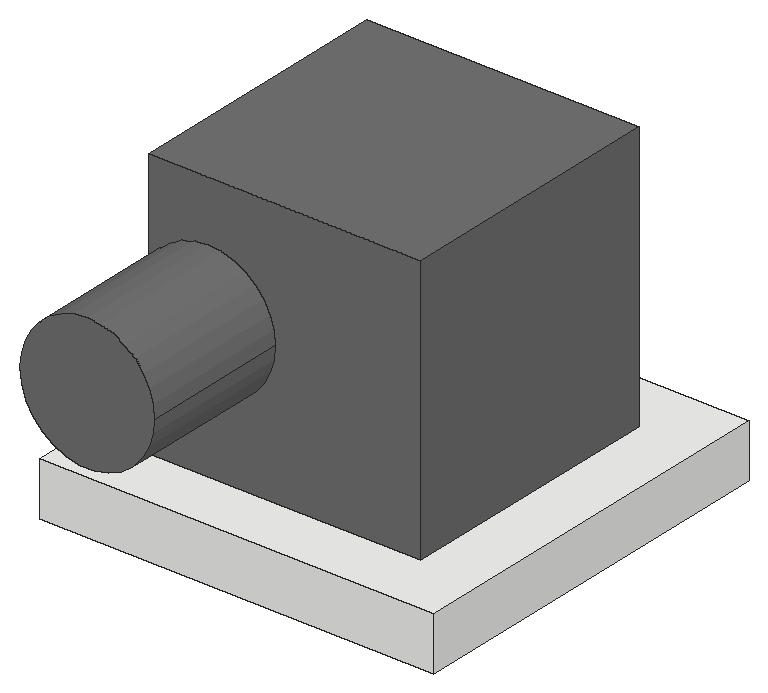
Revit family "vd-10_13zlec14-fps_60Hz", category 機械設備, Revit 2019
Family settings
  丸型コネクタ寸法 = 直径を使用
  パーツ タイプ = 標準
  OmniClass 番号 = 23.75.35.17.27
  OmniClass タイトル = Centrifugal Fans
  作業面ベース = いいえ
  常に垂直 = はい
  ロード時にボイドで切り取り = いいえ
  共有 = いいえ
  部屋計算ポイント = はい
Parameters (values of type "VD-13ZLEC14-FPS")
  騒音レベル(dB(A)) [instance] = 25.5
  風量 [instance] = 130.0 m³/h
  電源種別 [instance] = ""
  電圧 = 100 V
  電動機出力 = 0 W
  電動機_種別 [instance] = ""
  運転質量 = 0.00 kg
  連動 [instance] = ""
  質量 = if(製品質量 > 運転質量, 製品質量, 運転質量) * 1.2  # 2.04 kg
  負荷分類 = 3_ファン類
  説明 = "ダクト用換気扇 消音形 24時間換気機能付 フラットインテリアタイプ"
  設計風量 [instance] = 0.0 m³/h
  設置方法 = "天埋"
  記号 [instance] = ""
  製造元 = "三菱電機株式会社"
  製品質量 = 1.70 kg
  製品出荷対象 = "国内"
  製品リリース年月 = "2024年4月1日"
  製品グループ = ""
  系統 [instance] = ""
  符号 [instance] = if(☑給気／□排気, "FS", "FE")  # "FE"
  積算_科目 = "2 換気設備"
  積算_拾い区分 [instance] = ""
  相 = 1
  盤記号 [instance] = ""
  発停方法 [instance] = ""
  特殊仕様 [instance] = ""
  火災停止 [instance] = ""
  消費電力 = 15.5 W
  法定耐用年数 = "15"
  機外静圧 [instance] = 0.0 Pa
  極数 = 2
  材質 [instance] = ""
  操作・制御方式 = ""
  操作・制御スイッチ = ""
  排気量 [instance] = if(☑給気／□排気, 0.0 m³/h, 設計風量)  # 0.0 m³/h
  形式 = "天井埋込ダクト形"
  幹線記号 [instance] = ""
  対象室 [instance] = ""
  実風量 [instance] = 0.0 m³/h
  始動方式 [instance] = "直入"
  外気量 [instance] = if(☑給気／□排気, 設計風量, 0.0 m³/h)  # 0.0 m³/h
  呼称 = "天井扇"
  周波数 = 60 Hz
  参照している仕様書等のバージョン = ""
  分類コード = "50052503100030"
  分類グループ = ""
  価格 = 34900
  企業コード = "108420"
  付属品_防振装置 = ""
  付属品 [instance] = ""
  仕様書バージョン = "Version1.0"
  モデル = "VD-13ZLEC14-FPS"
  マテリアル = 合成樹脂(黒)
  ファンの種類 = ""
  ダクト径 = 100 mm
  コメント [instance] = ""
  Keynote = ""
  カバーマテリアル = 合成樹脂(白)
  ☑給気／□排気 [instance] = no
  Width = 198 mm
  W1 = 286 mm
  Version = ""
  Uniclass2015Version = "Systems v1.9"
  Uniclass2015Title = "Centrifugal fans"
  Uniclass2015Code = "Pr_65_67_29_12"
  URL = "https://www.mitsubishielectric.co.jp/ldg/wink/qr/002/333593/"
  SpecificationReference = ""
  SpecificationDescription = ""
  Revision = ""
  ProductInformation = ""
  OmniClassCode = "23-33 31 19 11 15"
  OAサイズ_D = 0 mm
  MIN風量 = 65.0 m³/h
  MIN静圧 = 0.0 Pa
  MID風量 = 0.0 m³/h
  MID静圧 = 0.0 Pa
  MAX風量 = 130.0 m³/h
  MAX静圧 = 0.0 Pa
  IfcTypeProduct = ""
  IfcProduct = ""
  IfcExportType = "PROPELLORAXIAL"
  IfcExportAs = "IfcFanType"
  Height = 195 mm
  H1 = 39 mm
  EAサイズ_D = 98 mm
  Duct_Height = 102 mm
  Duct_Depth = 109 mm
  Duct_Center = 56 mm
  Depth = 198 mm
  D1 = 286 mm
  Author = "三菱電機株式会社"
Types (2, lengths in mm): name | 騒音レベル(dB(A)) | 風量 | 質量 | 製品質量 | 消費電力 | 価格 | モデル | Width | W1 | URL | MIN風量 | MAX風量 | Height | Duct_Center | Depth | D1
  VD-10ZLEC14-FPS | 20 | 95.0 m³/h | 1.80 kg | 1.50 kg | 9.3 W | 31100 | "VD-10ZLEC14-FPS" | 174 | 250 | "https://www.mitsubishielectric.co.jp/ldg/wink/qr/002/333570/" | 55.0 m³/h | 95.0 m³/h | 184 | 0 | 174 | 250
  VD-13ZLEC14-FPS | 25.5 | 130.0 m³/h | 2.04 kg | 1.70 kg | 15.5 W | 34900 | "VD-13ZLEC14-FPS" | 198 | 286 | "https://www.mitsubishielectric.co.jp/ldg/wink/qr/002/333593/" | 65.0 m³/h | 130.0 m³/h | 195 | 56 | 198 | 286
Reference planes
  plane 1 "中心(正面/背面)": y = 0
  plane 2: z = 0
  plane 3 "中心(左/右)": x = 0
  plane 4: x = -143
  plane 5: x = 143
  plane 6: y = 143
  plane 7: y = -143
  plane 8: x = -99
  plane 9: x = 99
  plane 10: y = 99
  plane 11: y = -99
  plane 12: y = -208
  plane 13: z = 195
  plane 14: z = -39
  plane 15: z = 102
  plane 16: x = -56
Forms (mm)
  Extrusion 1, solid, material "合成樹脂(黒)" <- "マテリアル", detail levels fine
    sketch origin (0, 0, 0) x (1, 0, 0) y (0, 1, 0)
      loop
        line (-99, 99) -> (-99, -99) -> (99, -99) -> (99, 99) -> (-99, 99)
    from 0 to 195
  Extrusion 2, solid, material "合成樹脂(白)" <- "カバーマテリアル", detail levels fine
    sketch origin (0, 0, 0) x (1, 0, 0) y (0, 1, 0)
      loop
        line (-143, 143) -> (-143, -143) -> (143, -143) -> (143, 143) -> (-143, 143)
    from 0 to -39
  Extrusion 3, solid, material "合成樹脂(黒)" <- "マテリアル", detail levels fine
    sketch origin (0, 0, 0) x (1, 0, 0) y (0, 0, 1)
      loop
        circle (-56, 102) r 49
    from 99 to 208
Dimensions and locks
  equal spacing: plane 4, plane 3 "中心(左/右)", plane 5
  "W1": plane 4 to plane 5
  equal spacing: plane 6, plane 1 "中心(正面/背面)", plane 7
  "D1": plane 6 to plane 7
  equal spacing: plane 8, plane 3 "中心(左/右)", plane 9
  "Width": plane 8 to plane 9
  equal spacing: plane 10, plane 1 "中心(正面/背面)", plane 11
  "Depth": plane 10 to plane 11
  "Duct_Depth": plane 11 to plane 12
  "Height": plane 13 to plane 2
  "Duct_Height": plane 15 to plane 2
  "H1": plane 2 to plane 14
  "Duct_Center": plane 3 "中心(左/右)" to plane 16
  "EAサイズ_D": diameter of Extrusion 3 sketch curve
  aligned and locked: level to plane 2
  aligned and locked: plane 5 to Extrusion 2
  aligned and locked: plane 6 to Extrusion 2
  aligned and locked: Extrusion 2 to plane 4
  aligned and locked: Extrusion 2 to plane 7
  aligned and locked: plane 9 to Extrusion 1
  aligned and locked: Extrusion 1 to plane 11
  aligned and locked: Extrusion 1 to plane 8
  aligned and locked: plane 10 to Extrusion 1
  aligned and locked: plane 13 to Extrusion 1
  aligned and locked: Extrusion 2 to plane 14
  aligned and locked: level to Extrusion 2
  aligned and locked: Extrusion 1 to level
  aligned and locked: Extrusion 3 to plane 12
  aligned and locked: plane 11 to Extrusion 3
Automatic sketch dimensions
  Extrusion 1 sketch curve to plane 3 "中心(左/右)" = 99 mm
  plane 3 "中心(左/右)" to Extrusion 1 sketch curve = 99 mm
  Extrusion 2 sketch curve to plane 3 "中心(左/右)" = 143 mm
  plane 3 "中心(左/右)" to Extrusion 2 sketch curve = 143 mm
  plane 1 "中心(正面/背面)" to Extrusion 1 sketch curve = 99 mm
  Extrusion 1 sketch curve to plane 1 "中心(正面/背面)" = 99 mm
  plane 1 "中心(正面/背面)" to Extrusion 2 sketch curve = 143 mm
  Extrusion 2 sketch curve to plane 1 "中心(正面/背面)" = 143 mm
  Extrusion 3 sketch curve to plane 15 = 0 mm
  Extrusion 3 sketch curve to plane 16 = 0 mm
Nested families
  nested 1: "記号_天井換気扇_平面" at (0, 0, 0), type "記号_天井換気扇_平面", detail levels coarse+medium
Connectors
  hvac at (-56, -208, 102), driven by "ダクト径", driven by "風量", driven by "機外静圧"
    settings: on Extrusion 3, index 1, duct flow 130.0 m³/h, flow factor 0, pres drop 0.0 Pa, loss coef 0, conn angle 0.00°, conn width 304.8 mm, conn height 304.8 mm, conn diameter 100 mm, duct sys type 3, conn prof type 0, flow config 0, flow direction 2, loss method 4, conn ref index -1, conn util no, is conn primary yes, conn desc ""
  electrical at (0, 0, 195), driven by "極数", driven by "負荷分類", driven by "電圧", driven by "消費電力"
    settings: on Extrusion 1, index 2, voltage 100 V, apparent load 15.5 VA, apparent load phase1 0 VA, apparent load phase2 0 VA, apparent load phase3 0 VA, power factor 1, load classification "3_ファン類", number of poles 2, system type 30, power factor state 1, is connector primary yes, connector utility no, sub classification motor no, connector description ""
Definition of nested family "記号_天井換気扇_平面"
  Reference planes
    plane 1: y = 0
    plane 2: x = 0
  Lines and regions (mm)
    detail lines
      curve 1: line (-2.5, 2.5, 0) -> (2.5, 2.5, 0)
      curve 2: line (-2.5, -2.5, 0) -> (-2.5, 2.5, 0)
      curve 3: line (2.5, -2.5, 0) -> (-2.5, -2.5, 0)
      curve 4: line (2.5, 2.5, 0) -> (2.5, -2.5, 0)
      curve 5: circle (-1.04, -1.04, 0) r 1.46 normal (0, 0, 1)
      curve 6: circle (1.04, 1.04, 0) r 1.46 normal (0, 0, 1)
      curve 7: line (-3.125, 3.125, 0) -> (3.125, 3.125, 0)
      curve 8: line (-3.125, -3.125, 0) -> (-3.125, 3.125, 0)
      curve 9: line (3.125, -3.125, 0) -> (-3.125, -3.125, 0)
      curve 10: line (3.125, 3.125, 0) -> (3.125, -3.125, 0)
      curve 11: circle (1.295, 1.295, 0) r 1.83 normal (0, 0, 1)
      curve 12: circle (-1.295, -1.295, 0) r 1.83 normal (0, 0, 1)
      curve 13: line (-2, 2, 0) -> (2, 2, 0)
      curve 14: line (-2, -2, 0) -> (-2, 2, 0)
      curve 15: line (2, -2, 0) -> (-2, -2, 0)
      curve 16: line (2, 2, 0) -> (2, -2, 0)
      curve 17: circle (0.84, 0.84, 0) r 1.16 normal (0, 0, 1)
      curve 18: circle (-0.84, -0.84, 0) r 1.2 normal (0, 0, 1)
